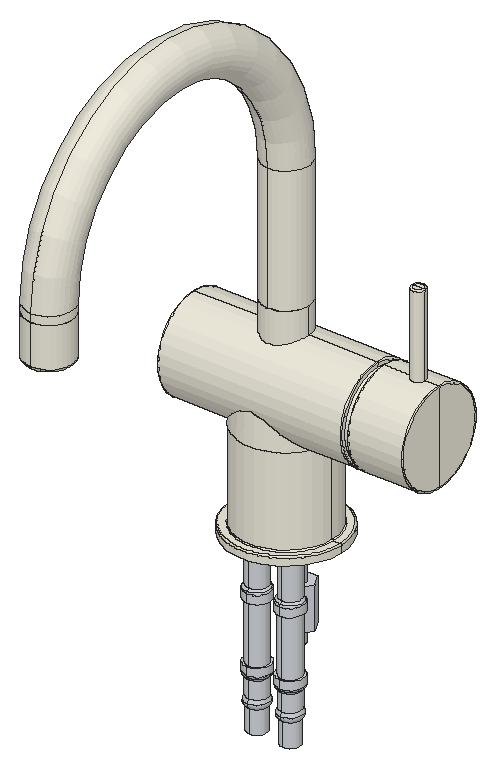
Revit family "Reece_Tap_Sussex_Scala_Curved_Basin or Sink Mixer", category Plumbing Fixtures, host Face, Revit 2018
Family settings
  Host = Face
  Round Connector Dimension = Use Diameter
  Part Type = Normal
  Cut with Voids When Loaded = No
  Shared = Yes
  Room Calculation Point = Yes
Parameters (values of type "145 mm_4 Star_Right Hand_PVD Brushed Platinum Gold")
  WFU = 0  # constant formula
  URL = "https://www.reece.com.au/product/-2268193"
  Type Comments = "Tap"
  Reece_Tap_Reach = 145 mm  # constant formula
  Reece_Tap_Inlet = 12 mm  # constant formula
  Reece_Tap_Clearance = 140 mm  # constant formula
  Reece_Right_Hand = not(Reece_Left_Hand)  # yes
  Reece_Product_Web Page = "https://www.reece.com.au/product/-2268193"
  Reece_Product_Type = "Tap"  # constant formula
  Reece_Product_Sub Brand = "Scala"  # constant formula
  Reece_Product_Number = "2268193"
  Reece_Product_Mount = "Hob Mounted"
  Reece_Product_Description = "Sussex Scala Basin / Sink Mixer Tap Small Curved Right Hand LUX PVD Brushed Platinum Gold (4 Star)"
  Reece_Product_Brand = "Sussex"  # constant formula
  Reece_Overall_Height = 250 mm  # constant formula
  Reece_Overall_Diameter = 54 mm  # constant formula
  Reece_Material_Main = Reece_PVD_Brushed_Platinum Gold
  Reece_Left_Hand = no
  Reece_Detail_Type = "Basin / Sink Mixer"  # constant formula
  Reece_Detail_Shape = "Curved"  # constant formula
  Reece_Detail_Disclaimer = "THIS FILE IS THE PROPERTY OF THE REECE GROUP. IT MAY NOT BE REPRODUCED, REVERSE-ENGINEERED OR MODIFIED. ANY REPUBLICATION, TRANSMISSION OR DISTRIBUTION FOR THE PURPOSE OF COMMERCIALLY EXPLOITING THE FILES IS PROHIBITED."  # constant formula
  Model = "Scala"
  Manufacturer = "Sussex"
  Keynote = "Product #2268193, Reece_Tap_Sussex_Scala_Curved_Basin or Sink Mixer - 145 mm_4 Star_Right Hand_PVD Brushed Platinum Gold"
  HWFU = 0  # constant formula
  Disclaimer = "THIS FILE IS THE PROPERTY OF THE REECE GROUP. IT MAY NOT BE REPRODUCED, REVERSE-ENGINEERED OR MODIFIED. ANY REPUBLICATION, TRANSMISSION OR DISTRIBUTION FOR THE PURPOSE OF COMMERCIALLY EXPLOITING THE FILES IS PROHIBITED."  # constant formula
  Description = "Scala Basin / Sink Mixer Tap Small Curved Right Hand LUX PVD Brushed Platinum Gold (4 Star)"
  Default Elevation = 1000 mm
  CWFU = 0  # constant formula
Types (9, lengths in mm): name | URL | Reece_Right_Hand | Reece_Product_Web Page | Reece_Product_Number | Reece_Product_Description | Reece_Material_Main | Reece_Left_Hand | Keynote | Description
  145 mm_4 Star_Left Hand_Chrome | "https://www.reece.com.au/product/-2262898" | no | "https://www.reece.com.au/product/-2262898" | "2262898" | "Sussex Scala Basin / Sink Mixer Tap Small Curved Left Hand Chrome (4 Star)" | Reece_Brass_Chrome | yes | "Product #2262898, Reece_Tap_Sussex_Scala_Curved_Basin or Sink Mixer - 145 mm_4 Star_Left Hand_Chrome" | "Scala Basin / Sink Mixer Tap Small Curved Left Hand Chrome (4 Star)"
  145 mm_4 Star_Left Hand_PVD Brushed Platinum Gold | "https://www.reece.com.au/product/-2268194" | no | "https://www.reece.com.au/product/-2268194" | "2268194" | "Sussex Scala Basin / Sink Mixer Tap Small Curved Left Hand LUX PVD Brushed Platinum Gold (4 Star)" | Reece_PVD_Brushed_Platinum Gold | yes | "Product #2268194, Reece_Tap_Sussex_Scala_Curved_Basin or Sink Mixer - 145 mm_4 Star_Left Hand_PVD Brushed Platinum Gold" | "Scala Basin / Sink Mixer Tap Small Curved Left Hand LUX PVD Brushed Platinum Gold (4 Star)"
  145 mm_4 Star_Right Hand_Brushed Gunmetal | "https://www.reece.com.au/product/-2263144" | yes | "https://www.reece.com.au/product/-2263144" | "2263144" | "Sussex Scala Basin / Sink Mixer Tap Small Curved Right Hand Brushed Gunmetal (4 Star)" | Reece_Brass_Brushed Gunmetal | no | "Product #2263144, Reece_Tap_Sussex_Scala_Curved_Basin or Sink Mixer - 145 mm_4 Star_Right Hand_Brushed Gunmetal" | "Scala Basin / Sink Mixer Tap Small Curved Right Hand Brushed Gunmetal (4 Star)"
  145 mm_4 Star_Right Hand_Brushed Nickel | "https://www.reece.com.au/product/-2263266" | yes | "https://www.reece.com.au/product/-2263266" | "2263266" | "Sussex Scala Basin / Sink Mixer Tap Small Curved Right Hand Brushed Nickel (4 Star)" | Reece_Brass_Brushed Nickel | no | "Product #2263266, Reece_Tap_Sussex_Scala_Curved_Basin or Sink Mixer - 145 mm_4 Star_Right Hand_Brushed Nickel" | "Scala Basin / Sink Mixer Tap Small Curved Right Hand Brushed Nickel (4 Star)"
  145 mm_4 Star_Right Hand_Chrome | "https://www.reece.com.au/product/-2261620" | yes | "https://www.reece.com.au/product/-2261620" | "2261620" | "Sussex Scala Basin / Sink Mixer Tap Small Curved Right Hand Chrome (4 Star)" | Reece_Brass_Chrome | no | "Product #2261620, Reece_Tap_Sussex_Scala_Curved_Basin or Sink Mixer - 145 mm_4 Star_Right Hand_Chrome" | "Scala Basin / Sink Mixer Tap Small Curved Right Hand Chrome (4 Star)"
  145 mm_4 Star_Right Hand_Living Tumbled Brass | "https://www.reece.com.au/product/-2263147" | yes | "https://www.reece.com.au/product/-2263147" | "2263147" | "Sussex Scala Basin / Sink Mixer Tap Small Curved Right Hand Living Tumbled Brass (4 Star)" | Reece_Brass_Living Tumbled | no | "Product #2263147, Reece_Tap_Sussex_Scala_Curved_Basin or Sink Mixer - 145 mm_4 Star_Right Hand_Living Tumbled Brass" | "Scala Basin / Sink Mixer Tap Small Curved Right Hand Living Tumbled Brass (4 Star)"
  145 mm_4 Star_Right Hand_PVD Brushed Platinum Gold | "https://www.reece.com.au/product/-2268193" | yes | "https://www.reece.com.au/product/-2268193" | "2268193" | "Sussex Scala Basin / Sink Mixer Tap Small Curved Right Hand LUX PVD Brushed Platinum Gold (4 Star)" | Reece_PVD_Brushed_Platinum Gold | no | "Product #2268193, Reece_Tap_Sussex_Scala_Curved_Basin or Sink Mixer - 145 mm_4 Star_Right Hand_PVD Brushed Platinum Gold" | "Scala Basin / Sink Mixer Tap Small Curved Right Hand LUX PVD Brushed Platinum Gold (4 Star)"
  145 mm_4 Star_Right Hand_Matte Black | "https://www.reece.com.au/product/-2263145" | yes | "https://www.reece.com.au/product/-2263145" | "2263145" | "Sussex Scala Basin / Sink Mixer Tap Small Curved Right Hand Matte Black (4 Star)" | Reece_Brass_Matte Black | no | "Product #2263145, Reece_Tap_Sussex_Scala_Curved_Basin or Sink Mixer - 145 mm_4 Star_Right Hand_Matte Black" | "Scala Basin / Sink Mixer Tap Small Curved Right Hand Matte Black (4 Star)"
  145 mm_4 Star_Right Hand_Satin Chrome | "https://www.reece.com.au/product/-2261667" | yes | "https://www.reece.com.au/product/-2261667" | "2261667" | "Sussex Scala Basin / Sink Mixer Tap Small Curved Right Hand Satin Chrome (4 Star)" | Reece_Brass_Satin Chrome | no | "Product #2261667, Reece_Tap_Sussex_Scala_Curved_Basin or Sink Mixer - 145 mm_4 Star_Right Hand_Satin Chrome" | "Scala Basin / Sink Mixer Tap Small Curved Right Hand Satin Chrome (4 Star)"
Reference planes
  plane 1 "Center (Front/Back)": y = 0
  plane 2 "Bottom": z = 0
  plane 3 "Center (Left/Right)": x = 0
  plane 4: z = 140
  plane 5: z = 130
  plane 6: z = 250
  plane 7: y = 22.5
  plane 8: y = -22.5
  plane 9: y = -145
  plane 10: z = 90
  plane 11: z = 67.5
  plane 12: z = 45
  plane 13: x = -27
  plane 14: x = 27
  plane 15: x = -75.1
  plane 16: x = 44.9
  plane 17: x = -11
  plane 18: x = 11
  plane 19: x = -45.1
  plane 20: x = 74.9
Forms (mm)
  Revolve 1, solid, material "Reece_PVD_Brushed_Platinum Gold" <- "Reece_Material_Main"
    sketch origin (0, 0, 0) x (1, 0, 0) y (0, 0, 1)
      loop
        line (-45.1, 67.5) -> (44.9, 67.5) -> (44.9, 89.5)
        arc (44.9, 89.5) -> (44.754, 89.854) -> (44.4, 90) r 0.5
        line (44.4, 90) -> (-44.575, 90)
        arc (-44.575, 90) -> (-44.946, 89.846) -> (-45.1, 89.475) r 0.525
        line (-45.1, 89.475) -> (-45.1, 67.5)
      axis (-45.1, 67.5) -> (44.9, 67.5)
    angle from 0 to 360
  Sweep 2, solid, material "Reece_PVD_Brushed_Platinum Gold" <- "Reece_Material_Main"
    path origin (0, 0, 0) x (0, 1, 0) y (0, 0, 1)
      loop
        line (0, 102.869) -> (0, 164.054)
        arc (0, 164.054) -> (-72.5, 236.554) -> (-145, 164.054) r 72.5
        line (-145, 164.054) -> (-145, 160.254)
    profile origin (0, 0, 133.461) x (0, -1, 0) y (1, 0, 0)
      loop
        circle (0, 0) r 11
  Revolve 3, solid, material "Reece_PVD_Brushed_Platinum Gold" <- "Reece_Material_Main", visible <- "Reece_Left_Hand"
    sketch origin (-12.1, 0, 0) x (1, 0, 0) y (0, 0, 1)
      loop
        arc (-33, 88.26) -> (-47.019, 81.96) -> (-52.227, 67.5) r 19.669
        line (-52.227, 67.5) -> (-33, 67.5) -> (-33, 88.26)
      axis (-52.227, 67.5) -> (-33, 67.5)
    angle from 0 to 360
  Revolve 4, solid, material "Reece_PVD_Brushed_Platinum Gold" <- "Reece_Material_Main", visible <- "Reece_Left_Hand"
    sketch origin (-12, 0, 0) x (1, 0, 0) y (0, 0, 1)
      loop
        line (-63.1, 67.5) -> (-36, 67.5) -> (-36, 89.5)
        arc (-36, 89.5) -> (-36.146, 89.854) -> (-36.5, 90) r 0.5
        line (-36.5, 90) -> (-62.6, 90)
        arc (-62.6, 90) -> (-62.954, 89.854) -> (-63.1, 89.5) r 0.5
        line (-63.1, 89.5) -> (-63.1, 67.5)
      axis (-63.1, 67.5) -> (-36, 67.5)
    angle from 0 to 360
  Revolve 5, solid, material "Reece_PVD_Brushed_Platinum Gold" <- "Reece_Material_Main", visible <- "Reece_Left_Hand"
    sketch origin (-12, 0, 0) x (1, 0, 0) y (0, 0, 1)
      loop
        line (-52.7, 130) -> (-52.7, 73.2) -> (-49.55, 73.2) -> (-49.55, 129.385)
        arc (-49.55, 129.385) -> (-49.73, 129.82) -> (-50.165, 130) r 0.615
        line (-50.165, 130) -> (-52.7, 130)
      axis (-52.7, 130) -> (-52.7, 73.2)
    angle from 0 to 360
  Extrusion 6, void
    sketch origin (0, 0, 0) x (1, 0, 0) y (0, 1, 0)
      loop
        circle (0, 0) r 15.193
    from -15.592 to 15.518
  Revolve 7, solid, material "Reece_PVD_Brushed_Platinum Gold" <- "Reece_Material_Main"
    sketch origin (0, -20, 0) x (0, 1, 0) y (0, 0, 1)
      loop
        line (-125, 140) -> (-125, 161.165) -> (-135.2, 161.165) -> (-135.2, 159.959) -> (-136, 159.959) -> (-136, 140.5)
        arc (-136, 140.5) -> (-135.854, 140.146) -> (-135.5, 140) r 0.5
        line (-135.5, 140) -> (-134.644, 140) -> (-134.644, 141.428) -> (-133.793, 141.428) -> (-132.968, 140) -> (-125, 140)
      axis (-125, 161.165) -> (-125, 140)
    angle from 0 to 360
  Revolve 8, solid
    sketch origin (0, -6.983, -4.38) x (0, 1, 0) y (0, 0, 1)
      loop
        line (11.924, 6.27) -> (11.924, -47)
        arc (11.924, -47) -> (12.07, -47.353) -> (12.424, -47.5) r 0.5
        line (12.424, -47.5) -> (14.924, -47.5) -> (14.924, 6.27) -> (11.924, 6.27)
      axis (14.924, -47.5) -> (14.924, 6.27)
    angle from 0 to 360
  Extrusion 9, solid
    sketch origin (619.2, -626.183, -34.38) x (1, 0, 0) y (0, 1, 0)
      loop
        circle (-619.2, 634.124) r 3
      loop
        line (-622.996, 640.698) -> (-626.791, 634.124) -> (-622.996, 627.549) -> (-615.404, 627.549) -> (-611.609, 634.124) -> (-615.404, 640.698) -> (-622.996, 640.698)
    from -10 to 10
  Revolve 10, solid
    sketch origin (-8.271, -4579.5, 333.442) x (0, 0, 1) y (0, -1, 0)
      loop
        line (-389.647, -4565.8) -> (-393.549, -4565.8)
        arc (-393.549, -4565.8) -> (-394.023, -4565.877) -> (-394.449, -4566.101) r 1.5
        line (-394.449, -4566.101) -> (-395.687, -4567.03) -> (-404.047, -4567.03) -> (-406.076, -4566.425)
        arc (-406.076, -4566.425) -> (-407.469, -4566.518) -> (-408.462, -4567.5) r 2
        line (-408.462, -4567.5) -> (-419.774, -4567.5) -> (-419.774, -4572) -> (-331.553, -4572) -> (-331.553, -4568.64) -> (-338.011, -4568.64) -> (-338.011, -4567.03) -> (-355.506, -4567.03) -> (-356.743, -4566.101)
        arc (-356.743, -4566.101) -> (-357.169, -4565.877) -> (-357.644, -4565.8) r 1.5
        line (-357.644, -4565.8) -> (-361.546, -4565.8) -> (-361.546, -4567) -> (-389.647, -4567) -> (-389.647, -4565.8)
      axis (-419.774, -4572) -> (-331.553, -4572)
    angle from 0 to 360
  Revolve 11, solid
    sketch origin (8.029, -4579.5, 333.442) x (0, 0, 1) y (0, 1, 0)
      loop
        line (-389.647, 4565.8) -> (-389.647, 4567) -> (-361.546, 4567) -> (-361.546, 4565.8) -> (-357.644, 4565.8)
        arc (-357.644, 4565.8) -> (-357.169, 4565.877) -> (-356.743, 4566.101) r 1.5
        line (-356.743, 4566.101) -> (-355.506, 4567.03) -> (-338.011, 4567.03) -> (-338.011, 4568.64) -> (-331.553, 4568.64) -> (-331.553, 4572) -> (-419.774, 4572) -> (-419.774, 4567.5) -> (-408.462, 4567.5)
        arc (-408.462, 4567.5) -> (-407.469, 4566.518) -> (-406.076, 4566.425) r 2
        line (-406.076, 4566.425) -> (-404.047, 4567.03) -> (-395.687, 4567.03) -> (-394.449, 4566.101)
        arc (-394.449, 4566.101) -> (-394.023, 4565.877) -> (-393.549, 4565.8) r 1.5
        line (-393.549, 4565.8) -> (-389.647, 4565.8)
      axis (-419.774, 4572) -> (-331.553, 4572)
    angle from 0 to 360
  Revolve 12, solid, material "Reece_PVD_Brushed_Platinum Gold" <- "Reece_Material_Main"
    sketch origin (0, 0, 0) x (-1, 0, 0) y (0, 0, 1)
      loop
        line (-15.193, 0) -> (-15.193, 1.889) -> (0, 1.889) -> (0, 103.5) -> (-9.884, 103.5) -> (-11, 102.564) -> (-11, 65) -> (-21.5, 65)
        arc (-21.5, 65) -> (-22.25, 56.014) -> (-22.5, 47) r 162.5
        line (-22.5, 47) -> (-22.5, 4.5)
        arc (-22.5, 4.5) -> (-22.646, 4.146) -> (-23, 4) r 0.5
        line (-23, 4) -> (-26.4, 4)
        arc (-26.4, 4) -> (-26.824, 3.824) -> (-27, 3.4) r 0.6
        line (-27, 3.4) -> (-27, 0) -> (-15.193, 0)
      axis (0, 103.5) -> (0, 0)
    angle from 0 to 360
  Revolve 13, solid, material "Reece_PVD_Brushed_Platinum Gold" <- "Reece_Material_Main", visible <- "Reece_Right_Hand"
    sketch origin (11.9, 0, 0) x (-1, 0, 0) y (0, 0, 1)
      loop
        arc (-33, 88.26) -> (-47.019, 81.96) -> (-52.227, 67.5) r 19.669
        line (-52.227, 67.5) -> (-33, 67.5) -> (-33, 88.26)
      axis (-52.227, 67.5) -> (-33, 67.5)
    angle from 0 to 360
  Revolve 14, solid, material "Reece_PVD_Brushed_Platinum Gold" <- "Reece_Material_Main", visible <- "Reece_Right_Hand"
    sketch origin (11.8, 0, 0) x (-1, 0, 0) y (0, 0, 1)
      loop
        line (-63.1, 67.5) -> (-36, 67.5) -> (-36, 89.5)
        arc (-36, 89.5) -> (-36.146, 89.854) -> (-36.5, 90) r 0.5
        line (-36.5, 90) -> (-62.6, 90)
        arc (-62.6, 90) -> (-62.954, 89.854) -> (-63.1, 89.5) r 0.5
        line (-63.1, 89.5) -> (-63.1, 67.5)
      axis (-63.1, 67.5) -> (-36, 67.5)
    angle from 0 to 360
  Revolve 15, solid, material "Reece_PVD_Brushed_Platinum Gold" <- "Reece_Material_Main", visible <- "Reece_Right_Hand"
    sketch origin (12, 0, 0) x (-1, 0, 0) y (0, 0, 1)
      loop
        line (-52.7, 130) -> (-52.7, 73.2) -> (-49.55, 73.2) -> (-49.55, 129.385)
        arc (-49.55, 129.385) -> (-49.73, 129.82) -> (-50.165, 130) r 0.615
        line (-50.165, 130) -> (-52.7, 130)
      axis (-52.7, 130) -> (-52.7, 73.2)
    angle from 0 to 360
Cuts and joins
  joined: Revolve 1, Revolve 12
  joined: Revolve 3, Revolve 4, Revolve 5
  joined: Revolve 14, Revolve 15
Text (mm)
  text "Reece Copyright © 2018, Reece Ltd." at (-296.225, -219.523, 0), in view "Ref. Level"
  text "Reece ©" at (44.384, 258.95, 192.345), in view "Reece Preview"
Dimensions and locks
  "Reece_Tap_Clearance": plane 4 to plane 2 "Bottom"
  "Reece_Overall_Height": plane 6 to plane 2 "Bottom"
  "Reece_Tap_Reach": plane 1 "Center (Front/Back)" to plane 9
  plane 10 to plane 2 "Bottom" = 90 mm
  plane 5 to plane 12 = 85 mm
  "Reece_Overall_Diameter": plane 13 to plane 14
  plane 17 to plane 18 = 22 mm
  plane 15 to plane 16 = 120 mm
  plane 15 to plane 3 "Center (Left/Right)" = 75.1 mm
  plane 7 to plane 8 = 45 mm
  aligned and locked: plane 2 "Bottom" to host face
  aligned and locked: level to host face
Automatic sketch dimensions
  host sketch curve to host sketch curve = 380.785 mm
  host sketch curve to host sketch curve = 317.421 mm
  Revolve 1 sketch curve to plane 11 = 0 mm  (x2)
  plane 19 to Revolve 1 sketch curve = 0 mm
  Revolve 1 sketch curve to plane 10 = 0 mm
  Revolve 1 sketch curve to plane 3 "Center (Left/Right)" = 0 mm
  plane 16 to Revolve 1 sketch curve = 0 mm
  Revolve 1 sketch curve to plane 19 = 0.525 mm
  plane 16 to Revolve 1 sketch curve = 0.5 mm
  plane 13 to Revolve 1 sketch curve = 2.502 mm
  Sweep 2 sketch curve to plane 3 "Center (Left/Right)" = 0 mm
  Sweep 2 sketch curve to profile plane = 0 mm
  Revolve 3 sketch curve to plane 11 = 0 mm  (x2)
  plane 19 to Revolve 3 sketch curve = 0 mm
  Revolve 3 sketch curve to plane 15 = 10.773 mm
  Revolve 3 sketch curve to plane 19 = 0.412 mm
  plane 11 to Revolve 3 sketch curve = 1.095 mm
  Revolve 3 sketch curve to Revolve 3 sketch curve = 5.701 mm
  Revolve 3 sketch curve to plane 19 = 1.467 mm
  plane 15 to Revolve 4 sketch curve = 0 mm
  Revolve 4 sketch curve to plane 10 = 0 mm
  Revolve 4 sketch curve to plane 11 = 0 mm  (x2)
  Revolve 4 sketch curve to plane 10 = 0.5 mm
  plane 19 to Revolve 4 sketch curve = 3.4 mm
  plane 19 to Revolve 4 sketch curve = 2.9 mm
  Revolve 4 sketch curve to plane 15 = 8.49 mm
  Revolve 4 sketch curve to Revolve 4 sketch curve = 2.842 mm
  Revolve 5 sketch curve to plane 5 = 0 mm
  Revolve 5 sketch curve to plane 15 = 10.4 mm
  plane 5 to Revolve 5 sketch curve = 0.615 mm
  Revolve 5 sketch curve to Revolve 5 sketch curve = 2.535 mm
  plane 11 to Revolve 5 sketch curve = 5.7 mm
  Revolve 5 sketch curve to Revolve 5 sketch curve = 0 mm
  Revolve 5 sketch curve to Revolve 5 sketch curve = 5 mm
  Revolve 5 sketch curve to Revolve 5 sketch curve = 2.831 mm
  plane 1 "Center (Front/Back)" to Extrusion 6 sketch curve = 0 mm
  Extrusion 6 sketch curve to plane 3 "Center (Left/Right)" = 0 mm
  Revolve 7 sketch curve to plane 4 = 0 mm  (x2)
  Revolve 7 sketch curve to plane 9 = 0 mm  (x2)
  plane 9 to Revolve 7 sketch curve = 7.968 mm
  plane 4 to Revolve 7 sketch curve = 1.428 mm
  Revolve 7 sketch curve to Revolve 7 sketch curve = 0.824 mm
  Revolve 7 sketch curve to Revolve 7 sketch curve = 0.851 mm
  plane 9 to Revolve 7 sketch curve = 10.2 mm
  Revolve 7 sketch curve to Revolve 7 sketch curve = 0.856 mm
  Revolve 7 sketch curve to Revolve 7 sketch curve = 0.8 mm
  Revolve 7 sketch curve to Revolve 7 sketch curve = 18.531 mm
  Revolve 7 sketch curve to Revolve 7 sketch curve = 1.206 mm
  Revolve 7 sketch curve to Revolve 7 sketch curve = 6.16 mm
  plane 4 to Revolve 7 sketch curve = 3.84 mm
  level to Revolve 8 sketch curve = 1.889 mm
  Revolve 8 sketch curve to plane 1 "Center (Front/Back)" = 4.941 mm
  Revolve 8 sketch curve to Revolve 8 sketch curve = 0.5 mm
  Revolve 8 sketch curve to Revolve 8 sketch curve = 2.5 mm
  Revolve 8 sketch curve to level = 51.38 mm
  Revolve 8 sketch curve to plane 1 "Center (Front/Back)" = 7.941 mm
  Revolve 8 sketch curve to Revolve 8 sketch curve = 0 mm
  Revolve 8 sketch curve to Revolve 8 sketch curve = 13.87 mm
  Extrusion 9 sketch curve to Extrusion 9 sketch curve = 0 mm  (x3)
  Extrusion 9 sketch curve to plane 3 "Center (Left/Right)" = 0 mm
  Extrusion 9 sketch curve to plane 3 "Center (Left/Right)" = 3.796 mm  (x2)
  Extrusion 9 sketch curve to plane 1 "Center (Front/Back)" = 1.367 mm
  Extrusion 9 sketch curve to plane 17 = 3.409 mm
  plane 3 "Center (Left/Right)" to Extrusion 9 sketch curve = 3.796 mm  (x2)
  plane 18 to Extrusion 9 sketch curve = 3.409 mm
  Extrusion 9 sketch curve to Extrusion 9 sketch curve = 6.574 mm  (x3)
  Extrusion 9 sketch curve to Extrusion 9 sketch curve = 3 mm
  Revolve 10 sketch curve to plane 8 = 10.5 mm
  Revolve 10 sketch curve to level = 86.332 mm
  Revolve 10 sketch curve to Revolve 10 sketch curve = 11.313 mm
  Revolve 10 sketch curve to Revolve 10 sketch curve = 1.814 mm
  Revolve 10 sketch curve to plane 8 = 9.425 mm
  Revolve 10 sketch curve to Revolve 10 sketch curve = 0.571 mm
  Revolve 10 sketch curve to plane 8 = 10.03 mm  (x2)
  Revolve 10 sketch curve to Revolve 10 sketch curve = 2.029 mm
  Revolve 10 sketch curve to Revolve 10 sketch curve = 8.36 mm
  Revolve 10 sketch curve to plane 8 = 9.101 mm  (x2)
  Revolve 10 sketch curve to Revolve 10 sketch curve = 1.238 mm  (x2)
  Revolve 10 sketch curve to Revolve 10 sketch curve = 0.901 mm  (x2)
  Revolve 10 sketch curve to Revolve 10 sketch curve = 3.901 mm  (x2)
  Revolve 10 sketch curve to plane 8 = 8.8 mm
  Revolve 10 sketch curve to Revolve 10 sketch curve = 28.102 mm
  Revolve 10 sketch curve to level = 4.568 mm
  level to Revolve 10 sketch curve = 1.889 mm
  Revolve 10 sketch curve to Revolve 10 sketch curve = 1.61 mm
  Revolve 10 sketch curve to Revolve 10 sketch curve = 4.5 mm
  Revolve 10 sketch curve to Revolve 10 sketch curve = 1.199 mm
  Revolve 10 sketch curve to Revolve 10 sketch curve = 1.2 mm
  plane 1 "Center (Front/Back)" to Revolve 10 sketch curve = 7.5 mm
  Revolve 10 sketch curve to Revolve 10 sketch curve = 71.41 mm
  Revolve 10 sketch curve to level = 1.522 mm
  Revolve 11 sketch curve to plane 8 = 10.5 mm
  Revolve 11 sketch curve to level = 86.332 mm
  Revolve 11 sketch curve to Revolve 11 sketch curve = 11.313 mm
  Revolve 11 sketch curve to Revolve 11 sketch curve = 1.814 mm
  Revolve 11 sketch curve to plane 8 = 9.425 mm
  Revolve 11 sketch curve to Revolve 11 sketch curve = 0.571 mm
  Revolve 11 sketch curve to plane 8 = 10.03 mm  (x2)
  Revolve 11 sketch curve to Revolve 11 sketch curve = 2.029 mm
  Revolve 11 sketch curve to Revolve 11 sketch curve = 8.36 mm
  Revolve 11 sketch curve to plane 8 = 9.101 mm  (x2)
  Revolve 11 sketch curve to Revolve 11 sketch curve = 1.238 mm  (x2)
  Revolve 11 sketch curve to Revolve 11 sketch curve = 0.901 mm  (x2)
  Revolve 11 sketch curve to Revolve 11 sketch curve = 3.901 mm  (x2)
  Revolve 11 sketch curve to plane 8 = 8.8 mm
  Revolve 11 sketch curve to Revolve 11 sketch curve = 28.102 mm
  Revolve 11 sketch curve to level = 4.568 mm
  level to Revolve 11 sketch curve = 1.889 mm
  Revolve 11 sketch curve to Revolve 11 sketch curve = 0.301 mm
  Revolve 11 sketch curve to Revolve 11 sketch curve = 1.2 mm
  Revolve 11 sketch curve to Revolve 11 sketch curve = 1.61 mm
  Revolve 11 sketch curve to Revolve 11 sketch curve = 4.5 mm
  plane 1 "Center (Front/Back)" to Revolve 11 sketch curve = 7.5 mm
  Revolve 11 sketch curve to Revolve 11 sketch curve = 71.41 mm
  Revolve 11 sketch curve to level = 1.522 mm
  Revolve 13 sketch curve to plane 11 = 0 mm  (x2)
  plane 16 to Revolve 13 sketch curve = 0 mm
  plane 20 to Revolve 13 sketch curve = 10.773 mm
  Revolve 13 sketch curve to plane 16 = 0.412 mm
  Revolve 13 sketch curve to plane 11 = 1.095 mm
  Revolve 13 sketch curve to Revolve 13 sketch curve = 5.701 mm
  Revolve 13 sketch curve to plane 16 = 1.467 mm
  Revolve 14 sketch curve to plane 20 = 0 mm
  Revolve 14 sketch curve to plane 10 = 0 mm
  Revolve 14 sketch curve to plane 11 = 0 mm  (x2)
  plane 10 to Revolve 14 sketch curve = 0.5 mm
  plane 16 to Revolve 14 sketch curve = 3.4 mm
  plane 16 to Revolve 14 sketch curve = 2.9 mm
  Revolve 14 sketch curve to Revolve 14 sketch curve = 8.49 mm
  Revolve 14 sketch curve to Revolve 14 sketch curve = 2.842 mm
  Revolve 15 sketch curve to plane 5 = 0 mm
  plane 20 to Revolve 15 sketch curve = 10.2 mm
  Revolve 15 sketch curve to plane 5 = 0.615 mm
  Revolve 15 sketch curve to Revolve 15 sketch curve = 2.535 mm
  Revolve 15 sketch curve to plane 11 = 5.7 mm
  Revolve 15 sketch curve to Revolve 15 sketch curve = 0 mm
  Revolve 15 sketch curve to Revolve 15 sketch curve = 5 mm
  Revolve 15 sketch curve to Revolve 15 sketch curve = 2.831 mm
  Revolve 12 sketch curve to level = 0 mm
  Revolve 12 sketch curve to plane 14 = 0 mm
  Revolve 12 sketch curve to plane 18 = 0 mm
  Revolve 12 sketch curve to plane 3 "Center (Left/Right)" = 0 mm  (x2)
  Revolve 12 sketch curve to plane 14 = 0.6 mm
  Revolve 12 sketch curve to Revolve 12 sketch curve = 3.4 mm  (x2)
  Revolve 12 sketch curve to plane 14 = 4.5 mm
  Revolve 12 sketch curve to plane 11 = 2.5 mm
  Revolve 12 sketch curve to Revolve 12 sketch curve = 10.5 mm
  level to Revolve 12 sketch curve = 1.889 mm
  Revolve 12 sketch curve to plane 18 = 4.193 mm
  plane 18 to Revolve 12 sketch curve = 1.116 mm
  plane 12 to Revolve 12 sketch curve = 2 mm
  plane 10 to Revolve 12 sketch curve = 12.564 mm
  plane 10 to Revolve 12 sketch curve = 13.5 mm
  Revolve 12 sketch curve to level = 30 mm
  Revolve 12 sketch curve to plane 12 = 20 mm
  Sweep 2 sketch curve to plane 9 = 0 mm
  Sweep 2 sketch curve to plane 1 "Center (Front/Back)" = 0 mm
  plane 4 to Sweep 2 sketch curve = 24.054 mm
  Sweep 2 sketch curve to Sweep 2 sketch curve = 3.8 mm
  plane 10 to Sweep 2 sketch curve = 12.869 mm
  radius of Sweep 2 sketch curve = 11 mm
  radius of Extrusion 6 sketch curve = 15.193 mm
Connectors
  piping at (-8.271, -7.5, -86.332), diameter 12, driven by "Reece_Tap_Inlet"
    settings: on Revolve 10, index 1, connector inside diameter 609.6 mm, connector length 0 mm, flow factor 0, pipe flow 0.0 L/s, pressure drop 0.0 Pa, fitting loss kfactor 0, connector angle 0.00°, fixture units 0, engagement length 0 mm, angle of deflection 0.00°, flow configuration 0, flow direction 1, fitting loss method 0, system type 29, joint type 0, gender type 0, connector reference index -1, connector utility 0, adjustable connector no, is connector primary yes, connector description ""
  piping at (8.029, -7.5, -86.332), diameter 12, driven by "Reece_Tap_Inlet"
    settings: on Revolve 11, index 2, connector inside diameter 609.6 mm, connector length 0 mm, flow factor 0, pipe flow 0.0 L/s, pressure drop 0.0 Pa, fitting loss kfactor 0, connector angle 0.00°, fixture units 0, engagement length 0 mm, angle of deflection 0.00°, flow configuration 0, flow direction 1, fitting loss method 0, system type 29, joint type 0, gender type 0, connector reference index -1, connector utility 0, adjustable connector no, is connector primary no, connector description ""
